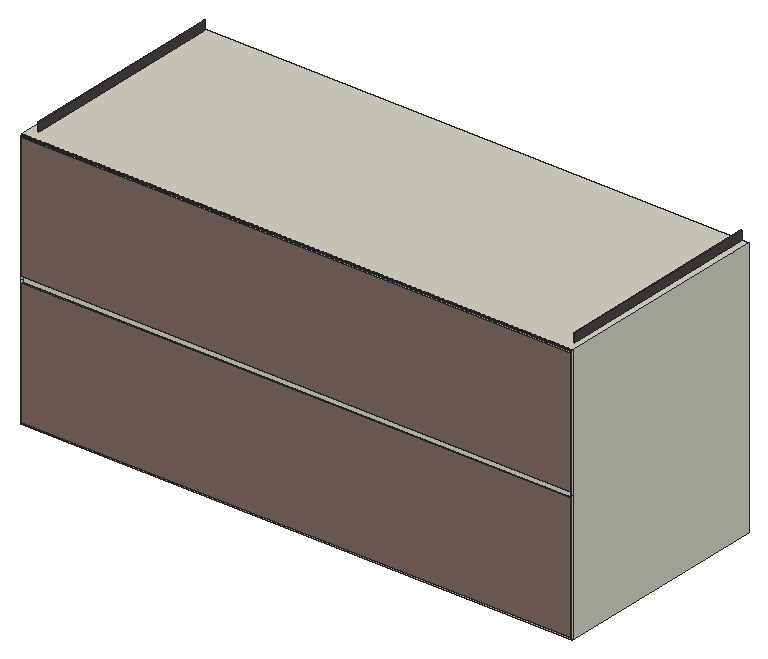
Revit family "vanity unit-hansgrohe-54185XXX-Xevolos E Vanity unit Sand Matt Beige 1180_475 with 2 drawers for washbasin", category Furniture, Revit 2019
Family settings
  OmniClass Number = 23.40.00.00
  OmniClass Title = Equipment and Furnishings
  Work Plane-Based = No
  Always vertical = Yes
  Cut with Voids When Loaded = No
  Shared = Yes
  Room Calculation Point = No
Parameters (values of type "54185730-SAND_MATT_BEIGE-DARK_OAK-200")
  etim7_EC011381 = "EC011381"
  WEIGHT = "48.4"
  UNSPSC = "56 | Furniture and Furnishings"
  UNIFORMATII = "E2010 | Fixed Furnishings"
  UNICLASS_2015_CODE = "40_30_78_05"
  UNICLASS2015 = "Pr_40_30_78_05 | Bathroom furniture"
  SURFACE = "DARK_OAK"
  REGION = "Worldwide"
  PRODUCTURL = "https://pro.hansgrohe.com/articledetail--54185790"
  PERMALINK = "54185XXX"
  OMNICLASS = "23-21 19 15 33 13 | Residential Bathroom Specialty Casework"
  OBJECTTYPE = "Object (single object)"
  OBERFLAECHE = "SAND_MATT_BEIGE"
  NN = "Vanity unit with 2 drawers for handrinse basin"
  NBSYN = "$ARTNR.-$OBERFLAECHE.-$SURFACE.-$LODLEVEL."
  NB = "54185730-SAND_MATT_BEIGE-DARK_OAK-200"
  NAME = "Xevolos E Vanity unit Sand Matt Beige 1180/475 with 2 drawers for washbasin"
  Model = "54185730-SAND_MATT_BEIGE-DARK_OAK-200"
  Manufacturer = "Hansgrohe"
  MIdent = "{$CADENAS_DATA/23d-libs/hansgrohe/xevolos_furniture/xevolos_vanity_unit_2_drawers_handrinse_basin/vanity_unit_2_drawers_for_handrinse_basin.prj},263 {VTYP=3D},{NB=54185730-SAND_MATT_BEIGE-DARK_OAK-200},{LINA=54185730-SAND_MATT_BEIGE-DARK_OAK-200},{NN=Vanity unit with 2 drawers for handrinse basin},{DATE=13.03.2023 12:26:32},{GEOMDATE=12.03.2023 06:54:00},{VERSION=},{LINEID=900},{WBVAR=LODLEVEL},{WBNUMERIC=}  {NB=54185730-SAND_MATT_BEIGE-DARK_OAK-200},{LINA=54185730-SAND_MATT_BEIGE-DARK_OAK-200},{KT=DUMMY},{IDNR=41},{ARTNR=54185730},{BASENUMBER=54185},{MODEL=54185XXX},{OBERFLAECHE=SAND_MATT_BEIGE},{SURFACE=DARK_OAK},{L=1180},{LODLEVEL=200},{LODLEVELX='400','400','200','200'},{NAME=Xevolos E Vanity unit Sand Matt Beige 1180/475 with 2 drawers for washbasin},{PERMALINK=54185XXX},{OBJECTTYPE=Object (single object)},{BIMOBJECT=Sanitary: Compound units},{COLLECTIONSET=Xevolos E},{COLLECTION=vanity unit},{WEIGHT=48.4},{DESCRIPTION=Xevolos E Vanity unit Sand Matt Beige 1180/475 with 2 drawers for washbasin},{PRODUCTURL=https://pro.hansgrohe.com/articledetail--54185790},{GTINCODE=0},{TENDERURL=0},{IFC=Furnishing element},{ETIM=EC011381 | Bathroom furniture set},{UNICLASS2015=Pr_40_30_78_05 | Bathroom furniture},{OMNICLASS=23-21 19 15 33 13 | Residential Bathroom Specialty Casework},{MASTERFORMAT=12 35 30.23 | Bathroom Casework},{UNSPSC=56 | Furniture and Furnishings},{UNIFORMATII=E2010 | Fixed Furnishings},{REGION=Worldwide},{DESIGN=Germany},{MANUFACTURER=Germany}"
  MASTERFORMAT = "12 35 30.23 | Bathroom Casework"
  LODLEVEL = "200"
  LINA = "54185730-SAND_MATT_BEIGE-DARK_OAK-200"
  L = 1180
  IFC = "Furnishing element"
  IDNR = 41
  ETIM = "EC011381 | Bathroom furniture set"
  DESIGN = "Germany"
  COLLECTIONSET = "Xevolos E"
  COLLECTION = "vanity unit"
  CATALOG = "Hansgrohe"
  BIMOBJECT = "Sanitary: Compound units"
  BASENUMBER = "54185"
  ARTNR = "54185730"
  54185790-SAND_MATT_BEIGE-METALLIC_SAND_BEIGE-400_RX0RY0RZ0TX0TY0TZ0_V = no
  54185790-SAND_MATT_BEIGE-METALLIC_SAND_BEIGE-200_RX0RY0RZ0TX0TY0TZ0_V = no
  54185730-SAND_MATT_BEIGE-DARK_OAK-400_RX0RY0RZ0TX0TY0TZ0_V = no
  54185730-SAND_MATT_BEIGE-DARK_OAK-200_RX0RY0RZ0TX0TY0TZ0_V = yes
  54185390-SAND_MATT_BEIGE-PATTEREND_BRONZE-400_RX0RY0RZ0TX0TY0TZ0_V = no
  54185390-SAND_MATT_BEIGE-PATTEREND_BRONZE-200_RX0RY0RZ0TX0TY0TZ0_V = no
Types (6, lengths in mm): name | SURFACE | NB | Model | MIdent | LODLEVEL | LINA | IDNR | ARTNR | 54185790-SAND_MATT_BEIGE-METALLIC_SAND_BEIGE-400_RX0RY0RZ0TX0TY0TZ0_V | 54185790-SAND_MATT_BEIGE-METALLIC_SAND_BEIGE-200_RX0RY0RZ0TX0TY0TZ0_V | 54185730-SAND_MATT_BEIGE-DARK_OAK-400_RX0RY0RZ0TX0TY0TZ0_V | 54185730-SAND_MATT_BEIGE-DARK_OAK-200_RX0RY0RZ0TX0TY0TZ0_V | 54185390-SAND_MATT_BEIGE-PATTEREND_BRONZE-400_RX0RY0RZ0TX0TY0TZ0_V | 54185390-SAND_MATT_BEIGE-PATTEREND_BRONZE-200_RX0RY0RZ0TX0TY0TZ0_V
  54185390-SAND_MATT_BEIGE-PATTEREND_BRONZE-200 | "PATTEREND_BRONZE" | "54185390-SAND_MATT_BEIGE-PATTEREND_BRONZE-200" | "54185390-SAND_MATT_BEIGE-PATTEREND_BRONZE-200" | "{$CADENAS_DATA/23d-libs/hansgrohe/xevolos_furniture/xevolos_vanity_unit_2_drawers_handrinse_basin/vanity_unit_2_drawers_for_handrinse_basin.prj},279 {VTYP=3D},{NB=54185390-SAND_MATT_BEIGE-PATTEREND_BRONZE-200},{LINA=54185390-SAND_MATT_BEIGE-PATTEREND_BRONZE-200},{NN=Vanity unit with 2 drawers for handrinse basin},{DATE=13.03.2023 12:26:32},{GEOMDATE=12.03.2023 06:54:00},{VERSION=},{LINEID=890},{WBVAR=LODLEVEL},{WBNUMERIC=}  {NB=54185390-SAND_MATT_BEIGE-PATTEREND_BRONZE-200},{LINA=54185390-SAND_MATT_BEIGE-PATTEREND_BRONZE-200},{KT=DUMMY},{IDNR=40},{ARTNR=54185390},{BASENUMBER=54185},{MODEL=54185XXX},{OBERFLAECHE=SAND_MATT_BEIGE},{SURFACE=PATTEREND_BRONZE},{L=1180},{LODLEVEL=200},{LODLEVELX='400','400','200','200'},{NAME=Xevolos E Vanity unit Sand Matt Beige 1180/475 with 2 drawers for washbasin},{PERMALINK=54185XXX},{OBJECTTYPE=Object (single object)},{BIMOBJECT=Sanitary: Compound units},{COLLECTIONSET=Xevolos E},{COLLECTION=vanity unit},{WEIGHT=48.4},{DESCRIPTION=Xevolos E Vanity unit Sand Matt Beige 1180/475 with 2 drawers for washbasin},{PRODUCTURL=https://pro.hansgrohe.com/articledetail--54185790},{GTINCODE=0},{TENDERURL=0},{IFC=Furnishing element},{ETIM=EC011381 | Bathroom furniture set},{UNICLASS2015=Pr_40_30_78_05 | Bathroom furniture},{OMNICLASS=23-21 19 15 33 13 | Residential Bathroom Specialty Casework},{MASTERFORMAT=12 35 30.23 | Bathroom Casework},{UNSPSC=56 | Furniture and Furnishings},{UNIFORMATII=E2010 | Fixed Furnishings},{REGION=Worldwide},{DESIGN=Germany},{MANUFACTURER=Germany}" | "200" | "54185390-SAND_MATT_BEIGE-PATTEREND_BRONZE-200" | 40 | "54185390" | no | no | no | no | no | yes
  54185390-SAND_MATT_BEIGE-PATTEREND_BRONZE-400 | "PATTEREND_BRONZE" | "54185390-SAND_MATT_BEIGE-PATTEREND_BRONZE-400" | "54185390-SAND_MATT_BEIGE-PATTEREND_BRONZE-400" | "{$CADENAS_DATA/23d-libs/hansgrohe/xevolos_furniture/xevolos_vanity_unit_2_drawers_handrinse_basin/vanity_unit_2_drawers_for_handrinse_basin.prj},279 {VTYP=3D},{NB=54185390-SAND_MATT_BEIGE-PATTEREND_BRONZE-400},{LINA=54185390-SAND_MATT_BEIGE-PATTEREND_BRONZE-400},{NN=Vanity unit with 2 drawers for handrinse basin},{DATE=13.03.2023 12:26:32},{GEOMDATE=12.03.2023 06:54:00},{VERSION=},{LINEID=890},{WBVAR=LODLEVEL},{WBNUMERIC=}  {NB=54185390-SAND_MATT_BEIGE-PATTEREND_BRONZE-400},{LINA=54185390-SAND_MATT_BEIGE-PATTEREND_BRONZE-400},{KT=DUMMY},{IDNR=40},{ARTNR=54185390},{BASENUMBER=54185},{MODEL=54185XXX},{OBERFLAECHE=SAND_MATT_BEIGE},{SURFACE=PATTEREND_BRONZE},{L=1180},{LODLEVEL=400},{LODLEVELX='400','400','200','200'},{NAME=Xevolos E Vanity unit Sand Matt Beige 1180/475 with 2 drawers for washbasin},{PERMALINK=54185XXX},{OBJECTTYPE=Object (single object)},{BIMOBJECT=Sanitary: Compound units},{COLLECTIONSET=Xevolos E},{COLLECTION=vanity unit},{WEIGHT=48.4},{DESCRIPTION=Xevolos E Vanity unit Sand Matt Beige 1180/475 with 2 drawers for washbasin},{PRODUCTURL=https://pro.hansgrohe.com/articledetail--54185790},{GTINCODE=0},{TENDERURL=0},{IFC=Furnishing element},{ETIM=EC011381 | Bathroom furniture set},{UNICLASS2015=Pr_40_30_78_05 | Bathroom furniture},{OMNICLASS=23-21 19 15 33 13 | Residential Bathroom Specialty Casework},{MASTERFORMAT=12 35 30.23 | Bathroom Casework},{UNSPSC=56 | Furniture and Furnishings},{UNIFORMATII=E2010 | Fixed Furnishings},{REGION=Worldwide},{DESIGN=Germany},{MANUFACTURER=Germany}" | "400" | "54185390-SAND_MATT_BEIGE-PATTEREND_BRONZE-400" | 40 | "54185390" | no | no | no | no | yes | no
  54185730-SAND_MATT_BEIGE-DARK_OAK-200 | "DARK_OAK" | "54185730-SAND_MATT_BEIGE-DARK_OAK-200" | "54185730-SAND_MATT_BEIGE-DARK_OAK-200" | "{$CADENAS_DATA/23d-libs/hansgrohe/xevolos_furniture/xevolos_vanity_unit_2_drawers_handrinse_basin/vanity_unit_2_drawers_for_handrinse_basin.prj},263 {VTYP=3D},{NB=54185730-SAND_MATT_BEIGE-DARK_OAK-200},{LINA=54185730-SAND_MATT_BEIGE-DARK_OAK-200},{NN=Vanity unit with 2 drawers for handrinse basin},{DATE=13.03.2023 12:26:32},{GEOMDATE=12.03.2023 06:54:00},{VERSION=},{LINEID=900},{WBVAR=LODLEVEL},{WBNUMERIC=}  {NB=54185730-SAND_MATT_BEIGE-DARK_OAK-200},{LINA=54185730-SAND_MATT_BEIGE-DARK_OAK-200},{KT=DUMMY},{IDNR=41},{ARTNR=54185730},{BASENUMBER=54185},{MODEL=54185XXX},{OBERFLAECHE=SAND_MATT_BEIGE},{SURFACE=DARK_OAK},{L=1180},{LODLEVEL=200},{LODLEVELX='400','400','200','200'},{NAME=Xevolos E Vanity unit Sand Matt Beige 1180/475 with 2 drawers for washbasin},{PERMALINK=54185XXX},{OBJECTTYPE=Object (single object)},{BIMOBJECT=Sanitary: Compound units},{COLLECTIONSET=Xevolos E},{COLLECTION=vanity unit},{WEIGHT=48.4},{DESCRIPTION=Xevolos E Vanity unit Sand Matt Beige 1180/475 with 2 drawers for washbasin},{PRODUCTURL=https://pro.hansgrohe.com/articledetail--54185790},{GTINCODE=0},{TENDERURL=0},{IFC=Furnishing element},{ETIM=EC011381 | Bathroom furniture set},{UNICLASS2015=Pr_40_30_78_05 | Bathroom furniture},{OMNICLASS=23-21 19 15 33 13 | Residential Bathroom Specialty Casework},{MASTERFORMAT=12 35 30.23 | Bathroom Casework},{UNSPSC=56 | Furniture and Furnishings},{UNIFORMATII=E2010 | Fixed Furnishings},{REGION=Worldwide},{DESIGN=Germany},{MANUFACTURER=Germany}" | "200" | "54185730-SAND_MATT_BEIGE-DARK_OAK-200" | 41 | "54185730" | no | no | no | yes | no | no
  54185730-SAND_MATT_BEIGE-DARK_OAK-400 | "DARK_OAK" | "54185730-SAND_MATT_BEIGE-DARK_OAK-400" | "54185730-SAND_MATT_BEIGE-DARK_OAK-400" | "{$CADENAS_DATA/23d-libs/hansgrohe/xevolos_furniture/xevolos_vanity_unit_2_drawers_handrinse_basin/vanity_unit_2_drawers_for_handrinse_basin.prj},263 {VTYP=3D},{NB=54185730-SAND_MATT_BEIGE-DARK_OAK-400},{LINA=54185730-SAND_MATT_BEIGE-DARK_OAK-400},{NN=Vanity unit with 2 drawers for handrinse basin},{DATE=13.03.2023 12:26:32},{GEOMDATE=12.03.2023 06:54:00},{VERSION=},{LINEID=900},{WBVAR=LODLEVEL},{WBNUMERIC=}  {NB=54185730-SAND_MATT_BEIGE-DARK_OAK-400},{LINA=54185730-SAND_MATT_BEIGE-DARK_OAK-400},{KT=DUMMY},{IDNR=41},{ARTNR=54185730},{BASENUMBER=54185},{MODEL=54185XXX},{OBERFLAECHE=SAND_MATT_BEIGE},{SURFACE=DARK_OAK},{L=1180},{LODLEVEL=400},{LODLEVELX='400','400','200','200'},{NAME=Xevolos E Vanity unit Sand Matt Beige 1180/475 with 2 drawers for washbasin},{PERMALINK=54185XXX},{OBJECTTYPE=Object (single object)},{BIMOBJECT=Sanitary: Compound units},{COLLECTIONSET=Xevolos E},{COLLECTION=vanity unit},{WEIGHT=48.4},{DESCRIPTION=Xevolos E Vanity unit Sand Matt Beige 1180/475 with 2 drawers for washbasin},{PRODUCTURL=https://pro.hansgrohe.com/articledetail--54185790},{GTINCODE=0},{TENDERURL=0},{IFC=Furnishing element},{ETIM=EC011381 | Bathroom furniture set},{UNICLASS2015=Pr_40_30_78_05 | Bathroom furniture},{OMNICLASS=23-21 19 15 33 13 | Residential Bathroom Specialty Casework},{MASTERFORMAT=12 35 30.23 | Bathroom Casework},{UNSPSC=56 | Furniture and Furnishings},{UNIFORMATII=E2010 | Fixed Furnishings},{REGION=Worldwide},{DESIGN=Germany},{MANUFACTURER=Germany}" | "400" | "54185730-SAND_MATT_BEIGE-DARK_OAK-400" | 41 | "54185730" | no | no | yes | no | no | no
  54185790-SAND_MATT_BEIGE-METALLIC_SAND_BEIGE-200 | "METALLIC_SAND_BEIGE" | "54185790-SAND_MATT_BEIGE-METALLIC_SAND_BEIGE-200" | "54185790-SAND_MATT_BEIGE-METALLIC_SAND_BEIGE-200" | "{$CADENAS_DATA/23d-libs/hansgrohe/xevolos_furniture/xevolos_vanity_unit_2_drawers_handrinse_basin/vanity_unit_2_drawers_for_handrinse_basin.prj},285 {VTYP=3D},{NB=54185790-SAND_MATT_BEIGE-METALLIC_SAND_BEIGE-200},{LINA=54185790-SAND_MATT_BEIGE-METALLIC_SAND_BEIGE-200},{NN=Vanity unit with 2 drawers for handrinse basin},{DATE=13.03.2023 12:26:32},{GEOMDATE=12.03.2023 06:54:00},{VERSION=},{LINEID=910},{WBVAR=LODLEVEL},{WBNUMERIC=}  {NB=54185790-SAND_MATT_BEIGE-METALLIC_SAND_BEIGE-200},{LINA=54185790-SAND_MATT_BEIGE-METALLIC_SAND_BEIGE-200},{KT=DUMMY},{IDNR=42},{ARTNR=54185790},{BASENUMBER=54185},{MODEL=54185XXX},{OBERFLAECHE=SAND_MATT_BEIGE},{SURFACE=METALLIC_SAND_BEIGE},{L=1180},{LODLEVEL=200},{LODLEVELX='400','400','200','200'},{NAME=Xevolos E Vanity unit Sand Matt Beige 1180/475 with 2 drawers for washbasin},{PERMALINK=54185XXX},{OBJECTTYPE=Object (single object)},{BIMOBJECT=Sanitary: Compound units},{COLLECTIONSET=Xevolos E},{COLLECTION=vanity unit},{WEIGHT=48.4},{DESCRIPTION=Xevolos E Vanity unit Sand Matt Beige 1180/475 with 2 drawers for washbasin},{PRODUCTURL=https://pro.hansgrohe.com/articledetail--54185790},{GTINCODE=0},{TENDERURL=0},{IFC=Furnishing element},{ETIM=EC011381 | Bathroom furniture set},{UNICLASS2015=Pr_40_30_78_05 | Bathroom furniture},{OMNICLASS=23-21 19 15 33 13 | Residential Bathroom Specialty Casework},{MASTERFORMAT=12 35 30.23 | Bathroom Casework},{UNSPSC=56 | Furniture and Furnishings},{UNIFORMATII=E2010 | Fixed Furnishings},{REGION=Worldwide},{DESIGN=Germany},{MANUFACTURER=Germany}" | "200" | "54185790-SAND_MATT_BEIGE-METALLIC_SAND_BEIGE-200" | 42 | "54185790" | no | yes | no | no | no | no
  54185790-SAND_MATT_BEIGE-METALLIC_SAND_BEIGE-400 | "METALLIC_SAND_BEIGE" | "54185790-SAND_MATT_BEIGE-METALLIC_SAND_BEIGE-400" | "54185790-SAND_MATT_BEIGE-METALLIC_SAND_BEIGE-400" | "{$CADENAS_DATA/23d-libs/hansgrohe/xevolos_furniture/xevolos_vanity_unit_2_drawers_handrinse_basin/vanity_unit_2_drawers_for_handrinse_basin.prj},285 {VTYP=3D},{NB=54185790-SAND_MATT_BEIGE-METALLIC_SAND_BEIGE-400},{LINA=54185790-SAND_MATT_BEIGE-METALLIC_SAND_BEIGE-400},{NN=Vanity unit with 2 drawers for handrinse basin},{DATE=13.03.2023 12:26:32},{GEOMDATE=12.03.2023 06:54:00},{VERSION=},{LINEID=910},{WBVAR=LODLEVEL},{WBNUMERIC=}  {NB=54185790-SAND_MATT_BEIGE-METALLIC_SAND_BEIGE-400},{LINA=54185790-SAND_MATT_BEIGE-METALLIC_SAND_BEIGE-400},{KT=DUMMY},{IDNR=42},{ARTNR=54185790},{BASENUMBER=54185},{MODEL=54185XXX},{OBERFLAECHE=SAND_MATT_BEIGE},{SURFACE=METALLIC_SAND_BEIGE},{L=1180},{LODLEVEL=400},{LODLEVELX='400','400','200','200'},{NAME=Xevolos E Vanity unit Sand Matt Beige 1180/475 with 2 drawers for washbasin},{PERMALINK=54185XXX},{OBJECTTYPE=Object (single object)},{BIMOBJECT=Sanitary: Compound units},{COLLECTIONSET=Xevolos E},{COLLECTION=vanity unit},{WEIGHT=48.4},{DESCRIPTION=Xevolos E Vanity unit Sand Matt Beige 1180/475 with 2 drawers for washbasin},{PRODUCTURL=https://pro.hansgrohe.com/articledetail--54185790},{GTINCODE=0},{TENDERURL=0},{IFC=Furnishing element},{ETIM=EC011381 | Bathroom furniture set},{UNICLASS2015=Pr_40_30_78_05 | Bathroom furniture},{OMNICLASS=23-21 19 15 33 13 | Residential Bathroom Specialty Casework},{MASTERFORMAT=12 35 30.23 | Bathroom Casework},{UNSPSC=56 | Furniture and Furnishings},{UNIFORMATII=E2010 | Fixed Furnishings},{REGION=Worldwide},{DESIGN=Germany},{MANUFACTURER=Germany}" | "400" | "54185790-SAND_MATT_BEIGE-METALLIC_SAND_BEIGE-400" | 42 | "54185790" | yes | no | no | no | no | no
Reference planes
  plane 1 "Center (Front/Back)": y = 0
  plane 2: z = 0
  plane 3 "Center (Left/Right)": x = 0
Dimensions and locks
  aligned and locked: level to plane 2
Nested families
  nested 1: "54185390-sand_matt_beige-patterend_bronze-200_content" at (0, 0, 0), visible <- "54185390-SAND_MATT_BEIGE-PATTEREND_BRONZE-200_RX0RY0RZ0TX0TY0TZ0_V", ContentVisible <- "54185390-SAND_MATT_BEIGE-PATTEREND_BRONZE-200_RX0RY0RZ0TX0TY0TZ0_V", type "54185390-SAND_MATT_BEIGE-PATTEREND_BRONZE-200_Content"
    with ContentVisible no
  nested 2: "54185390-sand_matt_beige-patterend_bronze-400_content" at (0, 0, 0), visible <- "54185390-SAND_MATT_BEIGE-PATTEREND_BRONZE-400_RX0RY0RZ0TX0TY0TZ0_V", ContentVisible <- "54185390-SAND_MATT_BEIGE-PATTEREND_BRONZE-400_RX0RY0RZ0TX0TY0TZ0_V", type "54185390-SAND_MATT_BEIGE-PATTEREND_BRONZE-400_Content"
    with ContentVisible no
  nested 3: "54185730-sand_matt_beige-dark_oak-200_content" at (0, 0, 0), visible <- "54185730-SAND_MATT_BEIGE-DARK_OAK-200_RX0RY0RZ0TX0TY0TZ0_V", ContentVisible <- "54185730-SAND_MATT_BEIGE-DARK_OAK-200_RX0RY0RZ0TX0TY0TZ0_V", type "54185730-SAND_MATT_BEIGE-DARK_OAK-200_Content"
    with ContentVisible yes
  nested 4: "54185730-sand_matt_beige-dark_oak-400_content" at (0, 0, 0), visible <- "54185730-SAND_MATT_BEIGE-DARK_OAK-400_RX0RY0RZ0TX0TY0TZ0_V", ContentVisible <- "54185730-SAND_MATT_BEIGE-DARK_OAK-400_RX0RY0RZ0TX0TY0TZ0_V", type "54185730-SAND_MATT_BEIGE-DARK_OAK-400_Content"
    with ContentVisible no
  nested 5: "54185790-sand_matt_beige-metallic_sand_beige-200_content" at (0, 0, 0), visible <- "54185790-SAND_MATT_BEIGE-METALLIC_SAND_BEIGE-200_RX0RY0RZ0TX0TY0TZ0_V", ContentVisible <- "54185790-SAND_MATT_BEIGE-METALLIC_SAND_BEIGE-200_RX0RY0RZ0TX0TY0TZ0_V", type "54185790-SAND_MATT_BEIGE-METALLIC_SAND_BEIGE-200_Content"
    with ContentVisible no
  nested 6: "54185790-sand_matt_beige-metallic_sand_beige-400_content" at (0, 0, 0), visible <- "54185790-SAND_MATT_BEIGE-METALLIC_SAND_BEIGE-400_RX0RY0RZ0TX0TY0TZ0_V", ContentVisible <- "54185790-SAND_MATT_BEIGE-METALLIC_SAND_BEIGE-400_RX0RY0RZ0TX0TY0TZ0_V", type "54185790-SAND_MATT_BEIGE-METALLIC_SAND_BEIGE-400_Content"
    with ContentVisible no
Definition of nested family "54185730-sand_matt_beige-dark_oak-200_content"
  Parameters (values of type "54185730-SAND_MATT_BEIGE-DARK_OAK-200_Content")
    etim7_EC011381 = "EC011381"
    WEIGHT = "48.4"
    UNSPSC = "56 | Furniture and Furnishings"
    UNIFORMATII = "E2010 | Fixed Furnishings"
    UNICLASS_2015_CODE = "40_30_78_05"
    UNICLASS2015 = "Pr_40_30_78_05 | Bathroom furniture"
    SURFACE = "DARK_OAK"
    REGION = "Worldwide"
    PRODUCTURL = "https://pro.hansgrohe.com/articledetail--54185790"
    PERMALINK = "54185XXX"
    OMNICLASS = "23-21 19 15 33 13 | Residential Bathroom Specialty Casework"
    OBJECTTYPE = "Object (single object)"
    OBERFLAECHE = "SAND_MATT_BEIGE"
    NN = "Vanity unit with 2 drawers for handrinse basin"
    NBSYN = "$ARTNR.-$OBERFLAECHE.-$SURFACE.-$LODLEVEL."
    NB = "54185730-SAND_MATT_BEIGE-DARK_OAK-200"
    NAME = "Xevolos E Vanity unit Sand Matt Beige 1180/475 with 2 drawers for washbasin"
    Model = "54185730-SAND_MATT_BEIGE-DARK_OAK-200"
    Manufacturer = "Hansgrohe"
    MASTERFORMAT = "12 35 30.23 | Bathroom Casework"
    LODLEVEL = "200"
    LINA = "54185730-SAND_MATT_BEIGE-DARK_OAK-200"
    L = 1180
    IFC = "Furnishing element"
    IDNR = 41
    ETIM = "EC011381 | Bathroom furniture set"
    Default Elevation = 1219.2 mm
    DESIGN = "Germany"
    ContentVisible [instance] = yes
    COLLECTIONSET = "Xevolos E"
    COLLECTION = "vanity unit"
    CATALOG = "Hansgrohe"
    BIMOBJECT = "Sanitary: Compound units"
    BASENUMBER = "54185"
    ARTNR = "54185730"
  Reference planes
    plane 1 "Center (Front/Back)": y = 0
    plane 2: z = 0
    plane 3 "Center (Left/Right)": x = 0
  Forms (mm)
    Extrusion 1, solid, visible <- "ContentVisible", detail levels medium+fine
      sketch origin (0, 0, 0) x (1, 0, 0) y (0, 1, 0)
        loop
          line (-590, 0) -> (-590, -468.3) -> (590, -468.3) -> (590, 0) -> (-590, 0)
      from 0 to 556
    Extrusion 2, solid, visible <- "ContentVisible", detail levels medium+fine
      sketch origin (0, -468.3, 0) x (1, 0, 0) y (0, 0, -1)
        loop
          line (-590, -278) -> (-588, -278) -> (-588, -4) -> (588, -4) -> (588, -278) -> (590, -278) -> (590, -2) -> (-590, -2) -> (-590, -278)
      from -4 to 0
    Extrusion 3, solid, visible <- "ContentVisible", detail levels medium+fine
      sketch origin (0, -468.3, 0) x (1, 0, 0) y (0, 0, -1)
        loop
          line (-590, -278) -> (-590, -554) -> (590, -554) -> (590, -278) -> (588, -278) -> (588, -552) -> (-588, -552) -> (-588, -278) -> (-590, -278)
      from -4 to 0
    Extrusion 4, solid, visible <- "ContentVisible", detail levels medium+fine
      sketch origin (0, -468.3, 0) x (1, 0, 0) y (0, 0, -1)
        loop
          line (-588, -272.5) -> (588, -272.5) -> (588, -4.5) -> (-588, -4.5) -> (-588, -272.5)
      from -4 to 0
    Extrusion 5, solid, visible <- "ContentVisible", detail levels medium+fine
      sketch origin (0, -468.3, 0) x (1, 0, 0) y (0, 0, -1)
        loop
          line (-588, -553.5) -> (588, -553.5) -> (588, -285.5) -> (-588, -285.5) -> (-588, -553.5)
      from -4 to 0
    Extrusion 6, solid, visible <- "ContentVisible", detail levels medium+fine
      sketch origin (-574, 0, 0) x (0, 0, -1) y (0, 1, 0)
        loop
          line (-574, 0) -> (-574, -446) -> (-534, -446) -> (-534, 0) -> (-574, 0)
      from 0 to 2
    Extrusion 7, solid, visible <- "ContentVisible", detail levels medium+fine
      sketch origin (574, 0, 0) x (0, 0, -1) y (0, 1, 0)
        loop
          line (-574, 0) -> (-574, -446) -> (-534, -446) -> (-534, 0) -> (-574, 0)
      from 0 to 2
    Extrusion 8, solid, visible <- "ContentVisible", detail levels coarse
      sketch origin (0, -236.15, 0) x (1, 0, 0) y (0, 1, 0)
        loop
          line (-590, -236.15) -> (590, -236.15) -> (590, 236.15) -> (-590, 236.15) -> (-590, -236.15)
      from 0 to 574
  Dimensions and locks
    aligned and locked: level to plane 2
Definition of nested family "54185390-sand_matt_beige-patterend_bronze-200_content"
  Parameters (values of type "54185390-SAND_MATT_BEIGE-PATTEREND_BRONZE-200_Content")
    etim7_EC011381 = "EC011381"
    WEIGHT = "48.4"
    UNSPSC = "56 | Furniture and Furnishings"
    UNIFORMATII = "E2010 | Fixed Furnishings"
    UNICLASS_2015_CODE = "40_30_78_05"
    UNICLASS2015 = "Pr_40_30_78_05 | Bathroom furniture"
    SURFACE = "PATTEREND_BRONZE"
    REGION = "Worldwide"
    PRODUCTURL = "https://pro.hansgrohe.com/articledetail--54185790"
    PERMALINK = "54185XXX"
    OMNICLASS = "23-21 19 15 33 13 | Residential Bathroom Specialty Casework"
    OBJECTTYPE = "Object (single object)"
    OBERFLAECHE = "SAND_MATT_BEIGE"
    NN = "Vanity unit with 2 drawers for handrinse basin"
    NBSYN = "$ARTNR.-$OBERFLAECHE.-$SURFACE.-$LODLEVEL."
    NB = "54185390-SAND_MATT_BEIGE-PATTEREND_BRONZE-200"
    NAME = "Xevolos E Vanity unit Sand Matt Beige 1180/475 with 2 drawers for washbasin"
    Model = "54185390-SAND_MATT_BEIGE-PATTEREND_BRONZE-200"
    Manufacturer = "Hansgrohe"
    MASTERFORMAT = "12 35 30.23 | Bathroom Casework"
    LODLEVEL = "200"
    LINA = "54185390-SAND_MATT_BEIGE-PATTEREND_BRONZE-200"
    L = 1180
    IFC = "Furnishing element"
    IDNR = 40
    ETIM = "EC011381 | Bathroom furniture set"
    Default Elevation = 1219.2 mm
    DESIGN = "Germany"
    ContentVisible [instance] = yes
    COLLECTIONSET = "Xevolos E"
    COLLECTION = "vanity unit"
    CATALOG = "Hansgrohe"
    BIMOBJECT = "Sanitary: Compound units"
    BASENUMBER = "54185"
    ARTNR = "54185390"
  Reference planes
    plane 1 "Center (Front/Back)": y = 0
    plane 2: z = 0
    plane 3 "Center (Left/Right)": x = 0
  Forms (mm)
    Extrusion 1, solid, visible <- "ContentVisible", detail levels medium+fine
      sketch origin (0, 0, 0) x (1, 0, 0) y (0, 1, 0)
        loop
          line (-590, 0) -> (-590, -468.3) -> (590, -468.3) -> (590, 0) -> (-590, 0)
      from 0 to 556
    Extrusion 2, solid, visible <- "ContentVisible", detail levels medium+fine
      sketch origin (0, -468.3, 0) x (1, 0, 0) y (0, 0, -1)
        loop
          line (-590, -278) -> (-588, -278) -> (-588, -4) -> (588, -4) -> (588, -278) -> (590, -278) -> (590, -2) -> (-590, -2) -> (-590, -278)
      from -4 to 0
    Extrusion 3, solid, visible <- "ContentVisible", detail levels medium+fine
      sketch origin (0, -468.3, 0) x (1, 0, 0) y (0, 0, -1)
        loop
          line (-590, -278) -> (-590, -554) -> (590, -554) -> (590, -278) -> (588, -278) -> (588, -552) -> (-588, -552) -> (-588, -278) -> (-590, -278)
      from -4 to 0
    Extrusion 4, solid, visible <- "ContentVisible", detail levels medium+fine
      sketch origin (0, -468.3, 0) x (1, 0, 0) y (0, 0, -1)
        loop
          line (-588, -272.5) -> (588, -272.5) -> (588, -4.5) -> (-588, -4.5) -> (-588, -272.5)
      from -4 to 0
    Extrusion 5, solid, visible <- "ContentVisible", detail levels medium+fine
      sketch origin (0, -468.3, 0) x (1, 0, 0) y (0, 0, -1)
        loop
          line (-588, -553.5) -> (588, -553.5) -> (588, -285.5) -> (-588, -285.5) -> (-588, -553.5)
      from -4 to 0
    Extrusion 6, solid, visible <- "ContentVisible", detail levels medium+fine
      sketch origin (-574, 0, 0) x (0, 0, -1) y (0, 1, 0)
        loop
          line (-574, 0) -> (-574, -446) -> (-534, -446) -> (-534, 0) -> (-574, 0)
      from 0 to 2
    Extrusion 7, solid, visible <- "ContentVisible", detail levels medium+fine
      sketch origin (574, 0, 0) x (0, 0, -1) y (0, 1, 0)
        loop
          line (-574, 0) -> (-574, -446) -> (-534, -446) -> (-534, 0) -> (-574, 0)
      from 0 to 2
    Extrusion 8, solid, visible <- "ContentVisible", detail levels coarse
      sketch origin (0, -236.15, 0) x (1, 0, 0) y (0, 1, 0)
        loop
          line (-590, -236.15) -> (590, -236.15) -> (590, 236.15) -> (-590, 236.15) -> (-590, -236.15)
      from 0 to 574
  Dimensions and locks
    aligned and locked: level to plane 2
Definition of nested family "54185390-sand_matt_beige-patterend_bronze-400_content"
  Parameters (values of type "54185390-SAND_MATT_BEIGE-PATTEREND_BRONZE-400_Content")
    etim7_EC011381 = "EC011381"
    WEIGHT = "48.4"
    UNSPSC = "56 | Furniture and Furnishings"
    UNIFORMATII = "E2010 | Fixed Furnishings"
    UNICLASS_2015_CODE = "40_30_78_05"
    UNICLASS2015 = "Pr_40_30_78_05 | Bathroom furniture"
    SURFACE = "PATTEREND_BRONZE"
    REGION = "Worldwide"
    PRODUCTURL = "https://pro.hansgrohe.com/articledetail--54185790"
    PERMALINK = "54185XXX"
    OMNICLASS = "23-21 19 15 33 13 | Residential Bathroom Specialty Casework"
    OBJECTTYPE = "Object (single object)"
    OBERFLAECHE = "SAND_MATT_BEIGE"
    NN = "Vanity unit with 2 drawers for handrinse basin"
    NBSYN = "$ARTNR.-$OBERFLAECHE.-$SURFACE.-$LODLEVEL."
    NB = "54185390-SAND_MATT_BEIGE-PATTEREND_BRONZE-400"
    NAME = "Xevolos E Vanity unit Sand Matt Beige 1180/475 with 2 drawers for washbasin"
    Model = "54185390-SAND_MATT_BEIGE-PATTEREND_BRONZE-400"
    Manufacturer = "Hansgrohe"
    MASTERFORMAT = "12 35 30.23 | Bathroom Casework"
    LODLEVEL = "400"
    LINA = "54185390-SAND_MATT_BEIGE-PATTEREND_BRONZE-400"
    L = 1180
    IFC = "Furnishing element"
    IDNR = 40
    ETIM = "EC011381 | Bathroom furniture set"
    Default Elevation = 1219.2 mm
    DESIGN = "Germany"
    ContentVisible [instance] = yes
    COLLECTIONSET = "Xevolos E"
    COLLECTION = "vanity unit"
    CATALOG = "Hansgrohe"
    BIMOBJECT = "Sanitary: Compound units"
    BASENUMBER = "54185"
    ARTNR = "54185390"
  Reference planes
    plane 1 "Center (Front/Back)": y = 0
    plane 2: z = 0
    plane 3 "Center (Left/Right)": x = 0
  Forms (mm)
    Extrusion 1, solid, visible <- "ContentVisible", detail levels medium+fine
      sketch origin (0, 0, 0) x (1, 0, 0) y (0, 1, 0)
        loop
          line (-590, 0) -> (-590, -472.3) -> (-588, -472.3) -> (-588, -468.3) -> (-574, -468.3) -> (-574, 0) -> (-590, 0)
      from 0 to 556
    Extrusion 2, solid, visible <- "ContentVisible", detail levels medium+fine
      sketch origin (0, 0, 0) x (1, 0, 0) y (0, 1, 0)
        loop
          line (-574, -79) -> (-574, -445.5) -> (574, -445.5) -> (574, -79) -> (-574, -79)
      from 0 to 16
    Extrusion 3, solid, visible <- "ContentVisible", detail levels medium+fine
      sketch origin (0, 0, 0) x (1, 0, 0) y (0, 1, 0)
        loop
          line (574, 0) -> (574, -468.3) -> (588, -468.3) -> (588, -472.3) -> (590, -472.3) -> (590, 0) -> (574, 0)
      from 0 to 556
    Extrusion 4, solid, visible <- "ContentVisible", detail levels medium+fine
      sketch origin (0, 0, 0.5) x (1, 0, 0) y (0, 1, 0)
        loop
          line (-574, -63) -> (-574, -79) -> (574, -79) -> (574, -63) -> (-574, -63)
      from 0 to 126
    Extrusion 5, solid, visible <- "ContentVisible", detail levels medium+fine
      sketch origin (0, 0, 2) x (1, 0, 0) y (0, 1, 0)
        loop
          line (-588, -451) -> (-588, -472.3) -> (588, -472.3) -> (588, -451) -> (-588, -451)
      from 0 to 2
    Extrusion 6, solid, visible <- "ContentVisible", detail levels medium+fine
      sketch origin (0, 0, 554) x (1, 0, 0) y (0, 1, 0)
        loop
          line (-588, -451) -> (-588, -472.3) -> (588, -472.3) -> (588, -451) -> (-588, -451)
      from -2 to 0
    Extrusion 7, solid, visible <- "ContentVisible", detail levels medium+fine
      sketch origin (0, -468.3, 0) x (1, 0, 0) y (0, 0, -1)
        loop
          line (-588, -272.5) -> (588, -272.5) -> (588, -4.5) -> (-588, -4.5) -> (-588, -272.5)
      from -4 to 0
    Extrusion 8, solid, visible <- "ContentVisible", detail levels medium+fine
      sketch origin (0, -468.3, 0) x (1, 0, 0) y (0, 0, -1)
        loop
          line (-588, -553.5) -> (588, -553.5) -> (588, -285.5) -> (-588, -285.5) -> (-588, -553.5)
      from -4 to 0
    Extrusion 9, solid, visible <- "ContentVisible", detail levels medium+fine
      sketch origin (0, 0, 272.5) x (1, 0, 0) y (0, 1, 0)
        loop
          line (-588, -451) -> (-588, -472.3) -> (588, -472.3) -> (588, -451) -> (-588, -451)
      from 0 to 2
    Extrusion 10, solid, visible <- "ContentVisible", detail levels medium+fine
      sketch origin (0, 0, 285.5) x (1, 0, 0) y (0, 1, 0)
        loop
          line (-588, -451) -> (-588, -472.3) -> (588, -472.3) -> (588, -451) -> (-588, -451)
      from -2 to 0
    Extrusion 11, solid, visible <- "ContentVisible", detail levels medium+fine
      sketch origin (0, -468.3, 0) x (1, 0, 0) y (0, 0, -1)
        loop
          line (-588, -274.5) -> (588, -274.5) -> (588, -4.5) -> (-588, -4.5) -> (-588, -274.5)
        loop
          line (-514, -78) -> (-514, -272.5) -> (514, -272.5) -> (514, -78) -> (-514, -78)
      from 0 to 17
    Extrusion 12, solid, visible <- "ContentVisible", detail levels medium+fine
      sketch origin (0, -468.3, 0) x (1, 0, 0) y (0, 0, -1)
        loop
          line (-588, -553.5) -> (-512, -553.5) -> (-512, -361.5) -> (512, -361.5) -> (512, -553.5) -> (588, -553.5) -> (588, -285.5) -> (-588, -285.5) -> (-588, -553.5)
      from 0 to 17
    Extrusion 13, solid, visible <- "ContentVisible", detail levels medium+fine
      sketch origin (-574, 0, 0) x (0, 0, -1) y (0, 1, 0)
        loop
          line (-574, 0) -> (-574, -446) -> (-534, -446) -> (-534, 0) -> (-574, 0)
      from 0 to 2
    Extrusion 14, solid, visible <- "ContentVisible", detail levels medium+fine
      sketch origin (574, 0, 0) x (0, 0, -1) y (0, 1, 0)
        loop
          line (-574, 0) -> (-574, -446) -> (-534, -446) -> (-534, 0) -> (-574, 0)
      from 0 to 2
    Extrusion 15, solid, visible <- "ContentVisible", detail levels medium+fine
      sketch origin (0, 0, 0) x (0, 0, -1) y (0, 1, 0)
        loop
          line (-285, -319.5) -> (-285, -444) -> (-269, -444) -> (-269, -319.5) -> (-285, -319.5)
      from -574 to 574
    Extrusion 16, solid, visible <- "ContentVisible", detail levels coarse
      sketch origin (0, -236.15, 0) x (1, 0, 0) y (0, 1, 0)
        loop
          line (-590, -236.15) -> (590, -236.15) -> (590, 236.15) -> (-590, 236.15) -> (-590, -236.15)
      from 0 to 574
  Dimensions and locks
    aligned and locked: level to plane 2
Definition of nested family "54185730-sand_matt_beige-dark_oak-400_content"
  Parameters (values of type "54185730-SAND_MATT_BEIGE-DARK_OAK-400_Content")
    etim7_EC011381 = "EC011381"
    WEIGHT = "48.4"
    UNSPSC = "56 | Furniture and Furnishings"
    UNIFORMATII = "E2010 | Fixed Furnishings"
    UNICLASS_2015_CODE = "40_30_78_05"
    UNICLASS2015 = "Pr_40_30_78_05 | Bathroom furniture"
    SURFACE = "DARK_OAK"
    REGION = "Worldwide"
    PRODUCTURL = "https://pro.hansgrohe.com/articledetail--54185790"
    PERMALINK = "54185XXX"
    OMNICLASS = "23-21 19 15 33 13 | Residential Bathroom Specialty Casework"
    OBJECTTYPE = "Object (single object)"
    OBERFLAECHE = "SAND_MATT_BEIGE"
    NN = "Vanity unit with 2 drawers for handrinse basin"
    NBSYN = "$ARTNR.-$OBERFLAECHE.-$SURFACE.-$LODLEVEL."
    NB = "54185730-SAND_MATT_BEIGE-DARK_OAK-400"
    NAME = "Xevolos E Vanity unit Sand Matt Beige 1180/475 with 2 drawers for washbasin"
    Model = "54185730-SAND_MATT_BEIGE-DARK_OAK-400"
    Manufacturer = "Hansgrohe"
    MASTERFORMAT = "12 35 30.23 | Bathroom Casework"
    LODLEVEL = "400"
    LINA = "54185730-SAND_MATT_BEIGE-DARK_OAK-400"
    L = 1180
    IFC = "Furnishing element"
    IDNR = 41
    ETIM = "EC011381 | Bathroom furniture set"
    Default Elevation = 1219.2 mm
    DESIGN = "Germany"
    ContentVisible [instance] = yes
    COLLECTIONSET = "Xevolos E"
    COLLECTION = "vanity unit"
    CATALOG = "Hansgrohe"
    BIMOBJECT = "Sanitary: Compound units"
    BASENUMBER = "54185"
    ARTNR = "54185730"
  Reference planes
    plane 1 "Center (Front/Back)": y = 0
    plane 2: z = 0
    plane 3 "Center (Left/Right)": x = 0
  Forms (mm)
    Extrusion 1, solid, visible <- "ContentVisible", detail levels medium+fine
      sketch origin (0, 0, 0) x (1, 0, 0) y (0, 1, 0)
        loop
          line (-590, 0) -> (-590, -472.3) -> (-588, -472.3) -> (-588, -468.3) -> (-574, -468.3) -> (-574, 0) -> (-590, 0)
      from 0 to 556
    Extrusion 2, solid, visible <- "ContentVisible", detail levels medium+fine
      sketch origin (0, 0, 0) x (1, 0, 0) y (0, 1, 0)
        loop
          line (-574, -79) -> (-574, -445.5) -> (574, -445.5) -> (574, -79) -> (-574, -79)
      from 0 to 16
    Extrusion 3, solid, visible <- "ContentVisible", detail levels medium+fine
      sketch origin (0, 0, 0) x (1, 0, 0) y (0, 1, 0)
        loop
          line (574, 0) -> (574, -468.3) -> (588, -468.3) -> (588, -472.3) -> (590, -472.3) -> (590, 0) -> (574, 0)
      from 0 to 556
    Extrusion 4, solid, visible <- "ContentVisible", detail levels medium+fine
      sketch origin (0, 0, 0.5) x (1, 0, 0) y (0, 1, 0)
        loop
          line (-574, -63) -> (-574, -79) -> (574, -79) -> (574, -63) -> (-574, -63)
      from 0 to 126
    Extrusion 5, solid, visible <- "ContentVisible", detail levels medium+fine
      sketch origin (0, 0, 2) x (1, 0, 0) y (0, 1, 0)
        loop
          line (-588, -451) -> (-588, -472.3) -> (588, -472.3) -> (588, -451) -> (-588, -451)
      from 0 to 2
    Extrusion 6, solid, visible <- "ContentVisible", detail levels medium+fine
      sketch origin (0, 0, 554) x (1, 0, 0) y (0, 1, 0)
        loop
          line (-588, -451) -> (-588, -472.3) -> (588, -472.3) -> (588, -451) -> (-588, -451)
      from -2 to 0
    Extrusion 7, solid, visible <- "ContentVisible", detail levels medium+fine
      sketch origin (0, -468.3, 0) x (1, 0, 0) y (0, 0, -1)
        loop
          line (-588, -272.5) -> (588, -272.5) -> (588, -4.5) -> (-588, -4.5) -> (-588, -272.5)
      from -4 to 0
    Extrusion 8, solid, visible <- "ContentVisible", detail levels medium+fine
      sketch origin (0, -468.3, 0) x (1, 0, 0) y (0, 0, -1)
        loop
          line (-588, -553.5) -> (588, -553.5) -> (588, -285.5) -> (-588, -285.5) -> (-588, -553.5)
      from -4 to 0
    Extrusion 9, solid, visible <- "ContentVisible", detail levels medium+fine
      sketch origin (0, 0, 272.5) x (1, 0, 0) y (0, 1, 0)
        loop
          line (-588, -451) -> (-588, -472.3) -> (588, -472.3) -> (588, -451) -> (-588, -451)
      from 0 to 2
    Extrusion 10, solid, visible <- "ContentVisible", detail levels medium+fine
      sketch origin (0, 0, 285.5) x (1, 0, 0) y (0, 1, 0)
        loop
          line (-588, -451) -> (-588, -472.3) -> (588, -472.3) -> (588, -451) -> (-588, -451)
      from -2 to 0
    Extrusion 11, solid, visible <- "ContentVisible", detail levels medium+fine
      sketch origin (0, -468.3, 0) x (1, 0, 0) y (0, 0, -1)
        loop
          line (-588, -274.5) -> (588, -274.5) -> (588, -4.5) -> (-588, -4.5) -> (-588, -274.5)
        loop
          line (-514, -78) -> (-514, -272.5) -> (514, -272.5) -> (514, -78) -> (-514, -78)
      from 0 to 17
    Extrusion 12, solid, visible <- "ContentVisible", detail levels medium+fine
      sketch origin (0, -468.3, 0) x (1, 0, 0) y (0, 0, -1)
        loop
          line (-588, -553.5) -> (-512, -553.5) -> (-512, -361.5) -> (512, -361.5) -> (512, -553.5) -> (588, -553.5) -> (588, -285.5) -> (-588, -285.5) -> (-588, -553.5)
      from 0 to 17
    Extrusion 13, solid, visible <- "ContentVisible", detail levels medium+fine
      sketch origin (-574, 0, 0) x (0, 0, -1) y (0, 1, 0)
        loop
          line (-574, 0) -> (-574, -446) -> (-534, -446) -> (-534, 0) -> (-574, 0)
      from 0 to 2
    Extrusion 14, solid, visible <- "ContentVisible", detail levels medium+fine
      sketch origin (574, 0, 0) x (0, 0, -1) y (0, 1, 0)
        loop
          line (-574, 0) -> (-574, -446) -> (-534, -446) -> (-534, 0) -> (-574, 0)
      from 0 to 2
    Extrusion 15, solid, visible <- "ContentVisible", detail levels medium+fine
      sketch origin (0, 0, 0) x (0, 0, -1) y (0, 1, 0)
        loop
          line (-285, -319.5) -> (-285, -444) -> (-269, -444) -> (-269, -319.5) -> (-285, -319.5)
      from -574 to 574
    Extrusion 16, solid, visible <- "ContentVisible", detail levels coarse
      sketch origin (0, -236.15, 0) x (1, 0, 0) y (0, 1, 0)
        loop
          line (-590, -236.15) -> (590, -236.15) -> (590, 236.15) -> (-590, 236.15) -> (-590, -236.15)
      from 0 to 574
  Dimensions and locks
    aligned and locked: level to plane 2
Definition of nested family "54185790-sand_matt_beige-metallic_sand_beige-200_content"
  Parameters (values of type "54185790-SAND_MATT_BEIGE-METALLIC_SAND_BEIGE-200_Content")
    etim7_EC011381 = "EC011381"
    WEIGHT = "48.4"
    UNSPSC = "56 | Furniture and Furnishings"
    UNIFORMATII = "E2010 | Fixed Furnishings"
    UNICLASS_2015_CODE = "40_30_78_05"
    UNICLASS2015 = "Pr_40_30_78_05 | Bathroom furniture"
    SURFACE = "METALLIC_SAND_BEIGE"
    REGION = "Worldwide"
    PRODUCTURL = "https://pro.hansgrohe.com/articledetail--54185790"
    PERMALINK = "54185XXX"
    OMNICLASS = "23-21 19 15 33 13 | Residential Bathroom Specialty Casework"
    OBJECTTYPE = "Object (single object)"
    OBERFLAECHE = "SAND_MATT_BEIGE"
    NN = "Vanity unit with 2 drawers for handrinse basin"
    NBSYN = "$ARTNR.-$OBERFLAECHE.-$SURFACE.-$LODLEVEL."
    NB = "54185790-SAND_MATT_BEIGE-METALLIC_SAND_BEIGE-200"
    NAME = "Xevolos E Vanity unit Sand Matt Beige 1180/475 with 2 drawers for washbasin"
    Model = "54185790-SAND_MATT_BEIGE-METALLIC_SAND_BEIGE-200"
    Manufacturer = "Hansgrohe"
    MASTERFORMAT = "12 35 30.23 | Bathroom Casework"
    LODLEVEL = "200"
    LINA = "54185790-SAND_MATT_BEIGE-METALLIC_SAND_BEIGE-200"
    L = 1180
    IFC = "Furnishing element"
    IDNR = 42
    ETIM = "EC011381 | Bathroom furniture set"
    Default Elevation = 1219.2 mm
    DESIGN = "Germany"
    ContentVisible [instance] = yes
    COLLECTIONSET = "Xevolos E"
    COLLECTION = "vanity unit"
    CATALOG = "Hansgrohe"
    BIMOBJECT = "Sanitary: Compound units"
    BASENUMBER = "54185"
    ARTNR = "54185790"
  Reference planes
    plane 1 "Center (Front/Back)": y = 0
    plane 2: z = 0
    plane 3 "Center (Left/Right)": x = 0
  Forms (mm)
    Extrusion 1, solid, visible <- "ContentVisible", detail levels medium+fine
      sketch origin (0, 0, 0) x (1, 0, 0) y (0, 1, 0)
        loop
          line (-590, 0) -> (-590, -468.3) -> (590, -468.3) -> (590, 0) -> (-590, 0)
      from 0 to 556
    Extrusion 2, solid, visible <- "ContentVisible", detail levels medium+fine
      sketch origin (0, -468.3, 0) x (1, 0, 0) y (0, 0, -1)
        loop
          line (-590, -278) -> (-588, -278) -> (-588, -4) -> (588, -4) -> (588, -278) -> (590, -278) -> (590, -2) -> (-590, -2) -> (-590, -278)
      from -4 to 0
    Extrusion 3, solid, visible <- "ContentVisible", detail levels medium+fine
      sketch origin (0, -468.3, 0) x (1, 0, 0) y (0, 0, -1)
        loop
          line (-590, -278) -> (-590, -554) -> (590, -554) -> (590, -278) -> (588, -278) -> (588, -552) -> (-588, -552) -> (-588, -278) -> (-590, -278)
      from -4 to 0
    Extrusion 4, solid, visible <- "ContentVisible", detail levels medium+fine
      sketch origin (0, -468.3, 0) x (1, 0, 0) y (0, 0, -1)
        loop
          line (-588, -272.5) -> (588, -272.5) -> (588, -4.5) -> (-588, -4.5) -> (-588, -272.5)
      from -4 to 0
    Extrusion 5, solid, visible <- "ContentVisible", detail levels medium+fine
      sketch origin (0, -468.3, 0) x (1, 0, 0) y (0, 0, -1)
        loop
          line (-588, -553.5) -> (588, -553.5) -> (588, -285.5) -> (-588, -285.5) -> (-588, -553.5)
      from -4 to 0
    Extrusion 6, solid, visible <- "ContentVisible", detail levels medium+fine
      sketch origin (-574, 0, 0) x (0, 0, -1) y (0, 1, 0)
        loop
          line (-574, 0) -> (-574, -446) -> (-534, -446) -> (-534, 0) -> (-574, 0)
      from 0 to 2
    Extrusion 7, solid, visible <- "ContentVisible", detail levels medium+fine
      sketch origin (574, 0, 0) x (0, 0, -1) y (0, 1, 0)
        loop
          line (-574, 0) -> (-574, -446) -> (-534, -446) -> (-534, 0) -> (-574, 0)
      from 0 to 2
    Extrusion 8, solid, visible <- "ContentVisible", detail levels coarse
      sketch origin (0, -236.15, 0) x (1, 0, 0) y (0, 1, 0)
        loop
          line (-590, -236.15) -> (590, -236.15) -> (590, 236.15) -> (-590, 236.15) -> (-590, -236.15)
      from 0 to 574
  Dimensions and locks
    aligned and locked: level to plane 2
Definition of nested family "54185790-sand_matt_beige-metallic_sand_beige-400_content"
  Parameters (values of type "54185790-SAND_MATT_BEIGE-METALLIC_SAND_BEIGE-400_Content")
    etim7_EC011381 = "EC011381"
    WEIGHT = "48.4"
    UNSPSC = "56 | Furniture and Furnishings"
    UNIFORMATII = "E2010 | Fixed Furnishings"
    UNICLASS_2015_CODE = "40_30_78_05"
    UNICLASS2015 = "Pr_40_30_78_05 | Bathroom furniture"
    SURFACE = "METALLIC_SAND_BEIGE"
    REGION = "Worldwide"
    PRODUCTURL = "https://pro.hansgrohe.com/articledetail--54185790"
    PERMALINK = "54185XXX"
    OMNICLASS = "23-21 19 15 33 13 | Residential Bathroom Specialty Casework"
    OBJECTTYPE = "Object (single object)"
    OBERFLAECHE = "SAND_MATT_BEIGE"
    NN = "Vanity unit with 2 drawers for handrinse basin"
    NBSYN = "$ARTNR.-$OBERFLAECHE.-$SURFACE.-$LODLEVEL."
    NB = "54185790-SAND_MATT_BEIGE-METALLIC_SAND_BEIGE-400"
    NAME = "Xevolos E Vanity unit Sand Matt Beige 1180/475 with 2 drawers for washbasin"
    Model = "54185790-SAND_MATT_BEIGE-METALLIC_SAND_BEIGE-400"
    Manufacturer = "Hansgrohe"
    MASTERFORMAT = "12 35 30.23 | Bathroom Casework"
    LODLEVEL = "400"
    LINA = "54185790-SAND_MATT_BEIGE-METALLIC_SAND_BEIGE-400"
    L = 1180
    IFC = "Furnishing element"
    IDNR = 42
    ETIM = "EC011381 | Bathroom furniture set"
    Default Elevation = 1219.2 mm
    DESIGN = "Germany"
    ContentVisible [instance] = yes
    COLLECTIONSET = "Xevolos E"
    COLLECTION = "vanity unit"
    CATALOG = "Hansgrohe"
    BIMOBJECT = "Sanitary: Compound units"
    BASENUMBER = "54185"
    ARTNR = "54185790"
  Reference planes
    plane 1 "Center (Front/Back)": y = 0
    plane 2: z = 0
    plane 3 "Center (Left/Right)": x = 0
  Forms (mm)
    Extrusion 1, solid, visible <- "ContentVisible", detail levels medium+fine
      sketch origin (0, 0, 0) x (1, 0, 0) y (0, 1, 0)
        loop
          line (-590, 0) -> (-590, -472.3) -> (-588, -472.3) -> (-588, -468.3) -> (-574, -468.3) -> (-574, 0) -> (-590, 0)
      from 0 to 556
    Extrusion 2, solid, visible <- "ContentVisible", detail levels medium+fine
      sketch origin (0, 0, 0) x (1, 0, 0) y (0, 1, 0)
        loop
          line (-574, -79) -> (-574, -445.5) -> (574, -445.5) -> (574, -79) -> (-574, -79)
      from 0 to 16
    Extrusion 3, solid, visible <- "ContentVisible", detail levels medium+fine
      sketch origin (0, 0, 0) x (1, 0, 0) y (0, 1, 0)
        loop
          line (574, 0) -> (574, -468.3) -> (588, -468.3) -> (588, -472.3) -> (590, -472.3) -> (590, 0) -> (574, 0)
      from 0 to 556
    Extrusion 4, solid, visible <- "ContentVisible", detail levels medium+fine
      sketch origin (0, 0, 0.5) x (1, 0, 0) y (0, 1, 0)
        loop
          line (-574, -63) -> (-574, -79) -> (574, -79) -> (574, -63) -> (-574, -63)
      from 0 to 126
    Extrusion 5, solid, visible <- "ContentVisible", detail levels medium+fine
      sketch origin (0, 0, 2) x (1, 0, 0) y (0, 1, 0)
        loop
          line (-588, -451) -> (-588, -472.3) -> (588, -472.3) -> (588, -451) -> (-588, -451)
      from 0 to 2
    Extrusion 6, solid, visible <- "ContentVisible", detail levels medium+fine
      sketch origin (0, 0, 554) x (1, 0, 0) y (0, 1, 0)
        loop
          line (-588, -451) -> (-588, -472.3) -> (588, -472.3) -> (588, -451) -> (-588, -451)
      from -2 to 0
    Extrusion 7, solid, visible <- "ContentVisible", detail levels medium+fine
      sketch origin (0, -468.3, 0) x (1, 0, 0) y (0, 0, -1)
        loop
          line (-588, -272.5) -> (588, -272.5) -> (588, -4.5) -> (-588, -4.5) -> (-588, -272.5)
      from -4 to 0
    Extrusion 8, solid, visible <- "ContentVisible", detail levels medium+fine
      sketch origin (0, -468.3, 0) x (1, 0, 0) y (0, 0, -1)
        loop
          line (-588, -553.5) -> (588, -553.5) -> (588, -285.5) -> (-588, -285.5) -> (-588, -553.5)
      from -4 to 0
    Extrusion 9, solid, visible <- "ContentVisible", detail levels medium+fine
      sketch origin (0, 0, 272.5) x (1, 0, 0) y (0, 1, 0)
        loop
          line (-588, -451) -> (-588, -472.3) -> (588, -472.3) -> (588, -451) -> (-588, -451)
      from 0 to 2
    Extrusion 10, solid, visible <- "ContentVisible", detail levels medium+fine
      sketch origin (0, 0, 285.5) x (1, 0, 0) y (0, 1, 0)
        loop
          line (-588, -451) -> (-588, -472.3) -> (588, -472.3) -> (588, -451) -> (-588, -451)
      from -2 to 0
    Extrusion 11, solid, visible <- "ContentVisible", detail levels medium+fine
      sketch origin (0, -468.3, 0) x (1, 0, 0) y (0, 0, -1)
        loop
          line (-588, -274.5) -> (588, -274.5) -> (588, -4.5) -> (-588, -4.5) -> (-588, -274.5)
        loop
          line (-514, -78) -> (-514, -272.5) -> (514, -272.5) -> (514, -78) -> (-514, -78)
      from 0 to 17
    Extrusion 12, solid, visible <- "ContentVisible", detail levels medium+fine
      sketch origin (0, -468.3, 0) x (1, 0, 0) y (0, 0, -1)
        loop
          line (-588, -553.5) -> (-512, -553.5) -> (-512, -361.5) -> (512, -361.5) -> (512, -553.5) -> (588, -553.5) -> (588, -285.5) -> (-588, -285.5) -> (-588, -553.5)
      from 0 to 17
    Extrusion 13, solid, visible <- "ContentVisible", detail levels medium+fine
      sketch origin (-574, 0, 0) x (0, 0, -1) y (0, 1, 0)
        loop
          line (-574, 0) -> (-574, -446) -> (-534, -446) -> (-534, 0) -> (-574, 0)
      from 0 to 2
    Extrusion 14, solid, visible <- "ContentVisible", detail levels medium+fine
      sketch origin (574, 0, 0) x (0, 0, -1) y (0, 1, 0)
        loop
          line (-574, 0) -> (-574, -446) -> (-534, -446) -> (-534, 0) -> (-574, 0)
      from 0 to 2
    Extrusion 15, solid, visible <- "ContentVisible", detail levels medium+fine
      sketch origin (0, 0, 0) x (0, 0, -1) y (0, 1, 0)
        loop
          line (-285, -319.5) -> (-285, -444) -> (-269, -444) -> (-269, -319.5) -> (-285, -319.5)
      from -574 to 574
    Extrusion 16, solid, visible <- "ContentVisible", detail levels coarse
      sketch origin (0, -236.15, 0) x (1, 0, 0) y (0, 1, 0)
        loop
          line (-590, -236.15) -> (590, -236.15) -> (590, 236.15) -> (-590, 236.15) -> (-590, -236.15)
      from 0 to 574
  Dimensions and locks
    aligned and locked: level to plane 2
